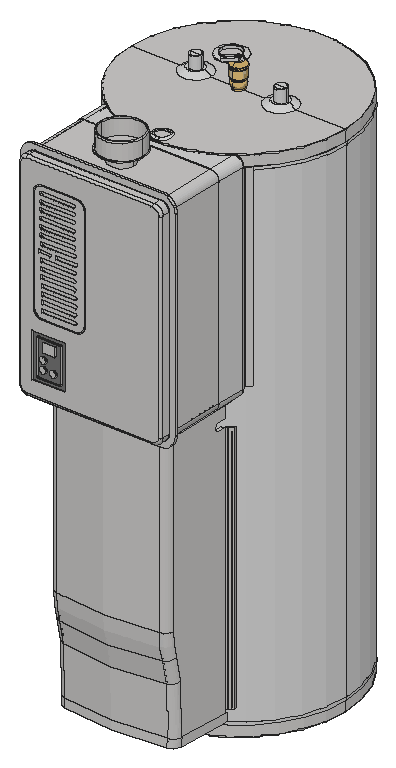
Revit family "Water_Heater-Rinnai-Hybrid_Tank-Tankless-RH180", category Mechanical Equipment, Revit 2012 (continued)
Definition of nested family "RH180"
  Lines and regions (mm)
    symbolic lines, style "Water Heater", detail levels medium+fine
      curve 333: spline (123.034, 0, 40.365) -> (103.124, 0, 40.549) -> (83.097, 0, 40.7) -> (62.976, 0, 40.818) -> (42.785, 0, 40.903) -> (22.545, 0, 40.954) -> (2.282, 0, 40.973) -> (-17.984, 0, 40.958) -> (-38.227, 0, 40.91) -> (-58.425, 0, 40.829) -> (-78.555, 0, 40.715) -> (-98.593, 0, 40.568) -> (-118.517, 0, 40.388)
      curve 334: spline (-118.517, 0, 40.388) -> (-121.051, 0, 40.356) -> (-123.5, 0, 40.311) -> (-125.839, 0, 40.254) -> (-128.04, 0, 40.186) -> (-130.08, 0, 40.106) -> (-131.934, 0, 40.017) -> (-133.584, 0, 39.918) -> (-135.009, 0, 39.812) -> (-136.195, 0, 39.699) -> (-137.127, 0, 39.58) -> (-137.796, 0, 39.458) -> (-138.194, 0, 39.332)
      curve 335: spline (140.451, 0, 39.328) -> (140.31, 0, 39.448) -> (139.887, 0, 39.567) -> (139.189, 0, 39.683) -> (138.224, 0, 39.794) -> (137.004, 0, 39.899) -> (135.547, 0, 39.996) -> (133.87, 0, 40.086) -> (131.995, 0, 40.165) -> (129.946, 0, 40.233) -> (127.751, 0, 40.29) -> (125.436, 0, 40.334) -> (123.034, 0, 40.365)
      curve 336: line (157.208, 0, 64.872) -> (157.208, 0, 658.721)
      curve 373: line (0, 349.448, 34.327) -> (0, 349.448, 1202.242)
      curve 374: line (0, -85.67, 1202.242) -> (0, 349.448, 1202.242)
      curve 375: line (0, 349.448, 1202.242) -> (0, 349.25, 1208.088)
      curve 376: line (0, 349.25, 1208.088) -> (0, -85.67, 1208.088)
      curve 377: line (0, -85.67, 1209.173) -> (0, 348.925, 1209.173)
      curve 378: line (0, 346.634, 1209.173) -> (0, 346.634, 1208.088)
      curve 379: line (0, 348.925, 1209.173) -> (0, 348.925, 1233.831)
      curve 380: line (0, -67.568, 1.686) -> (0, 348.176, 1.686)
      curve 381: line (0, 348.925, 2.435) -> (0, 348.925, 27.086)
      curve 382: line (0, 343.511, 27.086) -> (0, -157.849, 27.086)
      curve 383: line (0, -157.297, 1234.573) -> (0, 348.183, 1234.573)
      curve 384: arc (0, 348.925, 1233.831) -> (0, 348.707, 1234.356) -> (0, 348.183, 1234.573) r 0.742
      curve 385: line (0, -158.028, 1233.842) -> (0, -158.028, 1233.013)
      curve 386: arc (0, -158.028, 1233.842) -> (0, -157.814, 1234.359) -> (0, -157.297, 1234.573) r 0.731
      curve 387: line (0, -174.047, 1233.013) -> (0, -99.831, 1233.013)
      curve 388: line (0, -99.831, 1209.715) -> (0, -99.831, 1233.013)
      curve 389: line (0, -174.047, 1233.013) -> (0, -174.047, 731.363)
      curve 390: line (0, -315.647, 1232.021) -> (0, -174.047, 1232.021)
      curve 403: line (0, -344.414, 723.654) -> (0, -344.414, 1229.431)
      curve 404: line (0, -342.256, 1231.589) -> (0, -322.647, 1231.589)
      curve 405: arc (0, -344.414, 1229.431) -> (0, -343.782, 1230.957) -> (0, -342.256, 1231.589) r 2.158
      curve 406: line (0, -322.647, 1231.589) -> (0, -322.647, 723.654)
      curve 407: line (0, -322.647, 723.654) -> (0, -344.414, 723.654)
      curve 408: line (0, -315.647, 708.621) -> (0, -320.647, 708.621)
      curve 409: line (0, -315.647, 1246.621) -> (0, -315.647, 708.621)
      curve 410: line (0, -320.647, 708.621) -> (0, -320.647, 1246.621)
      curve 411: line (0, -320.647, 1246.621) -> (0, -315.647, 1246.621)
      curve 412: line (0, -99.831, 722.229) -> (0, -315.647, 722.229)
      curve 413: line (0, -99.831, 746.165) -> (0, -99.831, 722.229)
      curve 414: line (0, -103.912, 746.165) -> (0, -85.67, 746.165)
      curve 415: line (0, -85.67, 746.165) -> (0, -85.67, 1209.173)
      curve 416: line (0, -103.912, 1209.715) -> (0, -103.912, 746.165)
      curve 417: line (0, -87.822, 746.165) -> (0, -87.822, 1209.715)
      curve 418: line (0, -85.67, 1209.715) -> (0, -103.912, 1209.715)
      curve 419: line (0, -158.028, 27.086) -> (0, -158.028, 2.457)
      curve 420: line (0, -67.568, 1.686) -> (0, -157.257, 1.686)
      curve 421: arc (0, -158.028, 2.457) -> (0, -157.802, 1.912) -> (0, -157.257, 1.686) r 0.771
      curve 422: arc (0, -158.22, 34.975) -> (0, -158.14, 31.026) -> (0, -157.849, 27.086) r 73.552
      curve 423: arc (0, 348.176, 1.686) -> (0, 348.705, 1.905) -> (0, 348.925, 2.435) r 0.749
      curve 424: line (0, -121.369, 33.188) -> (0, -281.868, 40.973)
      curve 425: line (0, -281.868, 40.973) -> (0, -280.014, 79.191)
      curve 460: line (0, -280.894, 61.065) -> (0, -121.369, 53.327)
      curve 461: line (0, -119.511, 64.872) -> (0, -109.659, 64.872)
      curve 462: line (0, -109.659, 64.872) -> (0, -109.659, 658.721)
      curve 463: line (0, -113.195, 64.872) -> (0, -113.195, 658.721)
      curve 464: line (0, -121.369, 53.327) -> (0, -121.369, 658.721)
      curve 465: line (0, -280.014, 79.191) -> (0, -280.497, 121.049)
      curve 466: line (0, -121.369, 719.046) -> (0, -271.241, 719.046)
      curve 467: line (0, -121.369, 715.236) -> (0, -121.369, 677.771)
      curve 468: line (0, -121.369, 715.236) -> (0, -121.369, 722.229)
      curve 469: line (0, -307.327, 719.046) -> (0, -271.241, 719.046)
      curve 470: line (0, -315.953, 719.046) -> (0, -307.327, 719.046)
      curve 471: line (0, -271.241, 719.046) -> (0, -271.241, 722.229)
      curve 472: line (0, -304.55, 293.427) -> (0, -304.55, 715.236)
      curve 473: arc (0, -307.863, 719.046) -> (0, -305.494, 717.761) -> (0, -304.55, 715.236) r 3.847
      curve 474: line (0, -121.369, 677.771) -> (0, -140.471, 677.771)
      curve 475: arc (0, -140.471, 658.721) -> (0, -149.996, 668.246) -> (0, -140.471, 677.771) r 9.525
      curve 476: line (0, -109.659, 658.721) -> (0, -140.471, 658.721)
      curve 477: line (0, -121.369, 715.236) -> (0, -304.55, 715.236)
      curve 565: arc (0, 349.448, 34.327) -> (0, 349.351, 30.601) -> (0, 349.058, 26.885) r 71.199
      curve 566: arc (0, 343.511, 27.086) -> (0, 346.282, 26.923) -> (0, 349.058, 26.885) r 61.416
      curve 567: arc (0, -304.55, 293.427) -> (0, -302.544, 263.828) -> (0, -296.564, 234.77) r 219.409
      curve 568: arc (0, -296.564, 234.77) -> (0, -284.863, 178.428) -> (0, -280.497, 121.049) r 447.002
      curve 578: line (0, -24.241, 0.843) -> (0, -25.084, 0)
      curve 579: line (0, -25.084, 0) -> (0, -62.154, 0)
      curve 580: line (0, -62.154, 0) -> (0, -64.75, 1.686)
      curve 601: line (0, -121.369, 53.327) -> (0, -121.369, 33.188)
    symbolic lines, style "Water Heater", detail levels fine
      curve 2: circle (-88.688, 185.912, 0) r 34.797 normal (0, 0, -1)
      curve 3: circle (-88.688, 185.912, 0) r 24.13 normal (0, 0, 1)
      curve 4: circle (-88.688, 185.912, 0) r 23.033 normal (0, 0, 1)
      curve 5: circle (-100.467, 95.25, 0) r 35.956 normal (0, 0, 1)
      curve 6: circle (-100.467, 95.25, 0) r 19.844 normal (0, 0, 1)
      curve 7: circle (-100.467, 95.25, 0) r 13.145 normal (0, 0, 1)
      curve 8: circle (-100.467, 95.25, 0) r 12.351 normal (0, 0, 1)
      curve 9: circle (100.467, 95.25, 0) r 35.956 normal (0, 0, -1)
      curve 10: circle (100.467, 95.25, 0) r 19.844 normal (0, 0, -1)
      curve 11: circle (100.467, 95.25, 0) r 13.145 normal (0, 0, -1)
      curve 12: circle (100.467, 95.25, 0) r 12.351 normal (0, 0, -1)
      curve 13: circle (0, 95.432, 0) r 18.59 normal (0, 0, 1)
      curve 14: line (4.946, 105.048, 0) -> (-25.347, 74.755, 0)
      curve 15: line (-19.784, 69.191, 0) -> (-25.347, 74.755, 0)
      curve 16: line (10.512, 99.487, 0) -> (-19.784, 69.191, 0)
      curve 17: line (5.501, 104.493, 0) -> (4.946, 105.048, 0)
      curve 18: line (5.501, 104.493, 0) -> (-6.842, 92.151, 0)
      curve 19: line (9.95, 100.05, 0) -> (-2.393, 87.707, 0)
      curve 20: line (-7.397, 92.705, 0) -> (-1.83, 87.145, 0)
      curve 21: line (9.95, 100.05, 0) -> (10.512, 99.487, 0)
      curve 22: arc (1.194, 100.186, 0) -> (4.037, 98.299, 0) -> (4.896, 94.996, 0) r 4.779
      curve 23: line (-2.1, 100.361, 0) -> (-3.716, 98.745, 0)
      curve 24: line (-2.1, 100.361, 0) -> (-1.762, 100.024, 0)
      curve 25: arc (0.245, 100.348, 0) -> (-0.776, 100.293, 0) -> (-1.762, 100.024, 0) r 4.805
      curve 26: arc (-4.147, 98.074, 0) -> (-4.756, 96.692, 0) -> (-4.912, 95.19, 0) r 4.865
      curve 27: arc (-3.716, 98.745, 0) -> (-3.968, 98.432, 0) -> (-4.147, 98.074, 0) r 1.874
      curve 28: circle (0, 95.432, 0) r 0.945 normal (0, 0, 1)
      curve 29: arc (-4.758, 94.235, 0) -> (-2.855, 91.386, 0) -> (0.472, 90.572, 0) r 4.724
      curve 30: line (5.982, 92.279, 0) -> (4.366, 90.663, 0)
      curve 31: line (4.366, 90.663, 0) -> (3.027, 92.002, 0)
      curve 32: arc (1.95, 90.925, 0) -> (2.655, 91.272, 0) -> (3.275, 91.753, 0) r 3.882
      curve 33: line (5.982, 92.279, 0) -> (4.643, 93.618, 0)
      curve 34: arc (-1.197, 87.778, 0) -> (5.478, 89.954, 0) -> (7.654, 96.629, 0) r 7.747
      curve 35: arc (7.451, 97.551, 0) -> (5.941, 100.403, 0) -> (3.4, 102.393, 0) r 7.747
      curve 36: arc (2.62, 102.722, 0) -> (-5.478, 100.91, 0) -> (-7.29, 92.812, 0) r 7.747
      curve 37: arc (-2.958, 88.272, 0) -> (-2.092, 87.973, 0) -> (-1.197, 87.778, 0) r 7.747
      curve 38: arc (-14.633, 85.469, 0) -> (12.051, 108.399, 0) -> (-8.866, 80.109, 0) r 17.703
      curve 39: arc (0, 77.89, 0) -> (-4.528, 78.484, 0) -> (-8.748, 80.227, 0) r 17.542
      curve 40: circle (0, -129.913, 0) r 21.755 normal (0, 0, 1)
      curve 41: circle (0, -129.913, 0) r 17.242 normal (0, 0, 1)
      curve 42: circle (0, -129.913, 0) r 15.964 normal (0, 0, 1)
      curve 63: circle (1.233, -251.699, 0) r 52.851 normal (0, 0, 1)
      curve 64: circle (1.233, -251.699, 0) r 49.741 normal (0, 0, 1)
      curve 65: circle (1.233, -251.699, 0) r 48.708 normal (0, 0, 1)
      curve 66: circle (1.233, -251.699, 0) r 47.764 normal (0, 0, 1)
      curve 67: circle (1.233, -251.699, 0) r 28.107 normal (0, 0, 1)
      curve 70: spline (-203.383, -73.177, 0) -> (-202.36, -74.502, 0) -> (-201.477, -75.906, 0) -> (-200.75, -77.364, 0) -> (-200.193, -78.85, 0) -> (-199.815, -80.336, 0) -> (-199.623, -81.796, 0) -> (-199.621, -83.203, 0) -> (-199.809, -84.531, 0) -> (-200.183, -85.757, 0) -> (-200.737, -86.858, 0) -> (-201.46, -87.814, 0) -> (-202.34, -88.608, 0)
      curve 71: spline (-218.076, -69.351, 0) -> (-217.13, -68.704, 0) -> (-216.064, -68.229, 0) -> (-214.897, -67.935, 0) -> (-213.649, -67.825, 0) -> (-212.341, -67.901, 0) -> (-210.994, -68.164, 0) -> (-209.632, -68.607, 0) -> (-208.278, -69.224, 0) -> (-206.954, -70.004, 0) -> (-205.683, -70.933, 0) -> (-204.486, -71.997, 0) -> (-203.383, -73.177, 0)
      curve 72: line (-218.076, -69.351, 0) -> (-221.706, -72.396, 0)
      curve 73: line (-202.34, -88.608, 0) -> (-205.366, -91.147, 0)
      curve 74: spline (-207.038, -76.289, 0) -> (-206.121, -77.465, 0) -> (-205.312, -78.706, 0) -> (-204.626, -79.995, 0) -> (-204.07, -81.312, 0) -> (-203.654, -82.639, 0) -> (-203.382, -83.956, 0) -> (-203.261, -85.246, 0) -> (-203.29, -86.488, 0) -> (-203.469, -87.666, 0) -> (-203.796, -88.762, 0) -> (-204.267, -89.76, 0) -> (-204.874, -90.647, 0)
      curve 75: spline (-221.501, -72.281, 0) -> (-220.545, -71.689, 0) -> (-219.478, -71.263, 0) -> (-218.318, -71.011, 0) -> (-217.085, -70.937, 0) -> (-215.797, -71.041, 0) -> (-214.475, -71.322, 0) -> (-213.142, -71.777, 0) -> (-211.818, -72.396, 0) -> (-210.526, -73.171, 0) -> (-209.285, -74.088, 0) -> (-208.116, -75.133, 0) -> (-207.038, -76.289, 0)
      curve 76: spline (-211.278, -79.899, 0) -> (-210.505, -80.946, 0) -> (-209.899, -82.071, 0) -> (-209.483, -83.229, 0) -> (-209.274, -84.377, 0) -> (-209.279, -85.47, 0) -> (-209.498, -86.467, 0) -> (-209.923, -87.329, 0) -> (-210.538, -88.024, 0) -> (-211.318, -88.524, 0) -> (-212.235, -88.811, 0) -> (-213.252, -88.874, 0) -> (-214.331, -88.709, 0)
      curve 77: spline (-220.457, -81.571, 0) -> (-220.459, -80.47, 0) -> (-220.244, -79.465, 0) -> (-219.822, -78.596, 0) -> (-219.208, -77.894, 0) -> (-218.425, -77.389, 0) -> (-217.506, -77.099, 0) -> (-216.484, -77.035, 0) -> (-215.4, -77.201, 0) -> (-214.295, -77.589, 0) -> (-213.212, -78.184, 0) -> (-212.193, -78.964, 0) -> (-211.278, -79.899, 0)
      curve 78: line (-224.885, -85.178, 0) -> (-217.294, -78.808, 0)
      curve 79: line (-218.786, -92.447, 0) -> (-211.45, -86.292, 0)
      curve 80: arc (-217.294, -78.808, 0) -> (-212.42, -80.64, 0) -> (-211.074, -85.67, 0) r 5.693
      curve 81: arc (-211.074, -85.67, 0) -> (-211.211, -86.012, 0) -> (-211.45, -86.292, 0) r 1.123
      curve 82: spline (-224.269, -90.959, 0) -> (-224.981, -89.946, 0) -> (-225.469, -88.854, 0) -> (-225.701, -87.756, 0) -> (-225.661, -86.727, 0) -> (-225.351, -85.838, 0) -> (-224.792, -85.15, 0) -> (-224.023, -84.708, 0) -> (-223.097, -84.544, 0) -> (-222.075, -84.668, 0) -> (-221.028, -85.072, 0) -> (-220.027, -85.729, 0) -> (-219.141, -86.593, 0)
      curve 83: spline (-219.141, -86.593, 0) -> (-218.429, -87.606, 0) -> (-217.941, -88.699, 0) -> (-217.709, -89.797, 0) -> (-217.749, -90.825, 0) -> (-218.059, -91.714, 0) -> (-218.618, -92.402, 0) -> (-219.386, -92.844, 0) -> (-220.313, -93.008, 0) -> (-221.335, -92.884, 0) -> (-222.382, -92.48, 0) -> (-223.383, -91.823, 0) -> (-224.269, -90.959, 0)
      curve 84: arc (-220.747, -71.592, 0) -> (-225.376, -77.344, 0) -> (-224.243, -84.639, 0) r 9.139
      curve 85: arc (-221.706, -72.396, 0) -> (-224.027, -77.833, 0) -> (-223.09, -83.671, 0) r 10.647
      curve 86: spline (-207.038, -76.289, 0) -> (-205.38, -78.593, 0) -> (-204.159, -81.075, 0) -> (-203.441, -83.605, 0) -> (-203.262, -86.051, 0) -> (-203.632, -88.284, 0) -> (-204.532, -90.186, 0) -> (-205.915, -91.659, 0) -> (-207.707, -92.626, 0) -> (-209.816, -93.034, 0) -> (-212.13, -92.864, 0) -> (-214.529, -92.124, 0) -> (-216.885, -90.853, 0)
      curve 87: spline (-218.105, -91.793, 0) -> (-215.618, -93.11, 0) -> (-213.059, -93.858, 0) -> (-210.562, -93.998, 0) -> (-208.26, -93.524, 0) -> (-206.276, -92.459, 0) -> (-204.715, -90.861, 0) -> (-203.659, -88.815, 0) -> (-203.166, -86.428, 0) -> (-203.261, -83.829, 0) -> (-203.938, -81.155, 0) -> (-205.163, -78.548, 0) -> (-206.871, -76.146, 0)
      curve 88: spline (-208.684, -95.107, 0) -> (-208.515, -94.952, 0) -> (-208.351, -94.792, 0) -> (-208.191, -94.627, 0) -> (-208.036, -94.457, 0) -> (-207.886, -94.282, 0) -> (-207.741, -94.102, 0) -> (-207.601, -93.917, 0) -> (-207.466, -93.728, 0) -> (-207.337, -93.534, 0) -> (-207.212, -93.336, 0) -> (-207.094, -93.134, 0) -> (-206.98, -92.927, 0)
      curve 89: spline (-225.029, -74.312, 0) -> (-226.16, -75.154, 0) -> (-227.117, -76.194, 0) -> (-227.882, -77.41, 0) -> (-228.439, -78.779, 0) -> (-228.778, -80.273, 0) -> (-228.891, -81.863, 0) -> (-228.777, -83.518, 0) -> (-228.437, -85.204, 0) -> (-227.879, -86.889, 0) -> (-227.113, -88.538, 0) -> (-226.155, -90.119, 0) -> (-225.023, -91.601, 0)
      curve 90: arc (-220.629, -71.493, 0) -> (-222.869, -72.84, 0) -> (-225.029, -74.312, 0) r 46.525
      curve 91: arc (-205.252, -91.473, 0) -> (-206.925, -93.331, 0) -> (-208.684, -95.107, 0) r 52.692
      curve 92: arc (-205.252, -91.473, 0) -> (-206.925, -93.331, 0) -> (-208.684, -95.107, 0) r 52.692
      curve 93: spline (-225.023, -91.601, 0) -> (-223.823, -92.876, 0) -> (-222.511, -94.015, 0) -> (-221.11, -94.999, 0) -> (-219.644, -95.81, 0) -> (-218.139, -96.435, 0) -> (-216.62, -96.862, 0) -> (-215.116, -97.083, 0) -> (-213.652, -97.096, 0) -> (-212.252, -96.899, 0) -> (-210.943, -96.497, 0) -> (-209.747, -95.896, 0) -> (-208.684, -95.107, 0)
      curve 94: line (-214.414, -55.801, 0) -> (-188.1, -86.709, 0)
      curve 95: line (-188.1, -86.709, 0) -> (-177.858, -90.036, 0)
      curve 96: line (-214.414, -55.801, 0) -> (-217.293, -35.117, 0)
      curve 97: line (-213.278, -65.66, 0) -> (-209.07, -62.077, 0)
      curve 98: line (-213.278, -65.66, 0) -> (-211.061, -68.264, 0)
      curve 99: line (-197.532, -84.155, 0) -> (-193.324, -80.572, 0)
      curve 100: line (-197.532, -84.155, 0) -> (-199.621, -81.701, 0)
      curve 153: line (-112.817, 0, 1272.726) -> (-88.116, 0, 1272.726)
      curve 154: line (-113.611, 0, 1271.932) -> (-87.323, 0, 1271.932)
      curve 155: line (-112.817, 0, 1272.726) -> (-113.611, 0, 1271.932)
      curve 156: line (-88.116, 0, 1272.726) -> (-87.323, 0, 1271.932)
      curve 157: line (-87.323, 0, 1271.932) -> (-87.323, 0, 1246.621)
      curve 158: line (-113.611, 0, 1271.932) -> (-113.611, 0, 1246.621)
      curve 159: line (112.817, 0, 1272.726) -> (88.116, 0, 1272.726)
      curve 160: line (113.611, 0, 1271.932) -> (87.323, 0, 1271.932)
      curve 161: line (112.817, 0, 1272.726) -> (113.611, 0, 1271.932)
      curve 162: line (88.116, 0, 1272.726) -> (87.323, 0, 1271.932)
      curve 163: line (87.323, 0, 1271.932) -> (87.323, 0, 1246.621)
      curve 164: line (113.611, 0, 1271.932) -> (113.611, 0, 1246.621)
      curve 165: line (-51.618, 0, 1259.503) -> (54.084, 0, 1259.503)
      curve 166: line (54.084, 0, 1258.032) -> (54.084, 0, 1259.503)
      curve 167: line (54.084, 0, 1258.032) -> (-51.618, 0, 1258.032)
      curve 168: line (-51.618, 0, 1258.032) -> (-51.618, 0, 1259.503)
      curve 169: line (-27.767, 0, 1258.032) -> (-27.767, 0, 1246.621)
      curve 170: line (30.233, 0, 1258.032) -> (30.233, 0, 1246.621)
      curve 171: line (-48.508, 0, 1296.521) -> (-48.508, 0, 1259.503)
      curve 172: line (50.974, 0, 1296.521) -> (50.974, 0, 1259.503)
      curve 173: line (-47.475, 0, 1299.521) -> (49.941, 0, 1299.521)
      curve 174: line (-47.475, 0, 1299.521) -> (-48.508, 0, 1296.521)
      curve 175: line (50.974, 0, 1296.521) -> (-48.508, 0, 1296.521)
      curve 176: line (50.974, 0, 1296.521) -> (49.941, 0, 1299.521)
      curve 177: line (-24.799, 0, 1302.545) -> (-2.315, 0, 1302.545)
      curve 178: line (-24.784, 0, 1302.164) -> (-20.335, 0, 1302.164)
      curve 179: line (-24.784, 0, 1302.164) -> (-24.784, 0, 1299.521)
      curve 180: line (-25.34, 0, 1299.521) -> (-25.34, 0, 1302.005)
      curve 181: arc (-25.34, 0, 1302.005) -> (-25.181, 0, 1302.387) -> (-24.799, 0, 1302.545) r 0.541
      curve 182: line (-20.335, 0, 1302.164) -> (-20.335, 0, 1299.521)
      curve 183: line (-1.822, 0, 1299.521) -> (-1.822, 0, 1301.849)
      curve 184: spline (-2.315, 0, 1302.545) -> (-2.251, 0, 1302.539) -> (-2.188, 0, 1302.522) -> (-2.127, 0, 1302.492) -> (-2.069, 0, 1302.452) -> (-2.015, 0, 1302.401) -> (-1.967, 0, 1302.341) -> (-1.924, 0, 1302.273) -> (-1.888, 0, 1302.197) -> (-1.86, 0, 1302.115) -> (-1.839, 0, 1302.029) -> (-1.827, 0, 1301.939) -> (-1.822, 0, 1301.849)
      curve 185: line (-19.772, 0, 1301.849) -> (-19.772, 0, 1299.521)
      curve 186: spline (-19.772, 0, 1301.849) -> (-19.776, 0, 1301.939) -> (-19.789, 0, 1302.029) -> (-19.81, 0, 1302.115) -> (-19.838, 0, 1302.197) -> (-19.874, 0, 1302.273) -> (-19.917, 0, 1302.341) -> (-19.965, 0, 1302.401) -> (-20.019, 0, 1302.452) -> (-20.076, 0, 1302.492) -> (-20.138, 0, 1302.522) -> (-20.201, 0, 1302.539) -> (-20.265, 0, 1302.545)
      curve 187: arc (-1.822, 0, 1301.479) -> (-1.636, 0, 1301.044) -> (-1.175, 0, 1300.939) r 0.521
      curve 188: arc (9.038, 0, 1300.939) -> (9.596, 0, 1300.273) -> (10.031, 0, 1299.521) r 5.026
      curve 189: line (9.038, 0, 1300.939) -> (-1.175, 0, 1300.939)
      curve 190: line (-0.945, 0, 1304.125) -> (0.945, 0, 1304.125)
      curve 191: arc (0.945, 0, 1304.125) -> (1.709, 0, 1302.387) -> (2.936, 0, 1300.939) r 6.59
      curve 192: arc (-0.945, 0, 1304.125) -> (-1.335, 0, 1303.102) -> (-1.87, 0, 1302.147) r 7.422
      curve 337: spline (-168.243, 0, 61.119) -> (-168.809, 0, 69.181) -> (-170.481, 0, 76.869) -> (-173.181, 0, 83.827) -> (-176.784, 0, 89.732) -> (-181.123, 0, 94.311) -> (-185.996, 0, 97.35) -> (-191.179, 0, 98.71) -> (-196.43, 0, 98.326) -> (-201.506, 0, 96.218) -> (-206.172, 0, 92.482) -> (-210.211, 0, 87.291) -> (-213.436, 0, 80.888)
      curve 338: spline (-210.075, 0, 34.731) -> (-209.547, 0, 33.927) -> (-209.004, 0, 33.148) -> (-208.445, 0, 32.395) -> (-207.873, 0, 31.668) -> (-207.286, 0, 30.969) -> (-206.685, 0, 30.297) -> (-206.072, 0, 29.654) -> (-205.446, 0, 29.04) -> (-204.808, 0, 28.455) -> (-204.16, 0, 27.901) -> (-203.5, 0, 27.377) -> (-202.831, 0, 26.885)
      curve 339: spline (-187.98, 0, 61.119) -> (-188.122, 0, 64.102) -> (-188.546, 0, 67.02) -> (-189.242, 0, 69.812) -> (-190.195, 0, 72.416) -> (-191.385, 0, 74.778) -> (-192.786, 0, 76.845) -> (-194.368, 0, 78.574) -> (-196.097, 0, 79.928) -> (-197.936, 0, 80.876) -> (-199.845, 0, 81.4) -> (-201.783, 0, 81.487) -> (-203.708, 0, 81.136)
      curve 340: spline (-203.558, 0, 41.058) -> (-201.643, 0, 40.742) -> (-199.718, 0, 40.859) -> (-197.825, 0, 41.405) -> (-196.003, 0, 42.371) -> (-194.292, 0, 43.734) -> (-192.727, 0, 45.467) -> (-191.342, 0, 47.533) -> (-190.167, 0, 49.887) -> (-189.226, 0, 52.479) -> (-188.539, 0, 55.255) -> (-188.121, 0, 58.155) -> (-187.98, 0, 61.119)
      curve 341: spline (-193.324, 0, 61.119) -> (-193.389, 0, 59.563) -> (-193.582, 0, 58.033) -> (-193.901, 0, 56.554) -> (-194.34, 0, 55.15) -> (-194.892, 0, 53.845) -> (-195.548, 0, 52.659) -> (-196.297, 0, 51.613) -> (-197.127, 0, 50.723) -> (-198.023, 0, 50.004) -> (-198.972, 0, 49.469) -> (-199.958, 0, 49.125) -> (-200.964, 0, 48.979)
      curve 342: spline (-199.86, 0, 73.087) -> (-198.966, 0, 72.766) -> (-198.102, 0, 72.286) -> (-197.281, 0, 71.654) -> (-196.512, 0, 70.879) -> (-195.807, 0, 69.972) -> (-195.176, 0, 68.944) -> (-194.626, 0, 67.809) -> (-194.166, 0, 66.584) -> (-193.801, 0, 65.284) -> (-193.537, 0, 63.927) -> (-193.378, 0, 62.533) -> (-193.324, 0, 61.119)
      curve 343: arc (-205.418, 0, 48.986) -> (-203.191, 0, 49.015) -> (-200.964, 0, 48.979) r 75.833
      curve 344: arc (-200.577, 0, 70.573) -> (-197.516, 0, 63.248) -> (-198.41, 0, 55.36) r 15.78
      curve 345: arc (-198.41, 0, 55.36) -> (-201.158, 0, 51.342) -> (-205.418, 0, 48.986) r 10.548
      curve 346: spline (-207.038, 0, 82.216) -> (-205.18, 0, 81.916) -> (-203.904, 0, 81.038) -> (-203.298, 0, 79.64) -> (-203.404, 0, 77.818) -> (-204.213, 0, 75.697) -> (-205.672, 0, 73.42) -> (-207.68, 0, 71.144) -> (-210.101, 0, 69.022) -> (-212.77, 0, 67.2) -> (-215.504, 0, 65.803) -> (-218.118, 0, 64.924) -> (-220.433, 0, 64.624)
      curve 347: spline (-220.433, 0, 64.624) -> (-221.514, 0, 64.714) -> (-222.437, 0, 64.982) -> (-223.181, 0, 65.422) -> (-223.733, 0, 66.025) -> (-224.08, 0, 66.779) -> (-224.216, 0, 67.669) -> (-224.139, 0, 68.677) -> (-223.848, 0, 69.781) -> (-223.351, 0, 70.96) -> (-222.658, 0, 72.189) -> (-221.783, 0, 73.443) -> (-220.743, 0, 74.696)
      curve 348: spline (-213.245, 0, 80.442) -> (-212.682, 0, 80.717) -> (-212.122, 0, 80.971) -> (-211.567, 0, 81.203) -> (-211.018, 0, 81.412) -> (-210.477, 0, 81.598) -> (-209.946, 0, 81.761) -> (-209.425, 0, 81.899) -> (-208.917, 0, 82.013) -> (-208.423, 0, 82.102) -> (-207.944, 0, 82.165) -> (-207.482, 0, 82.203) -> (-207.038, 0, 82.216)
      curve 349: spline (-211.278, 0, 79.62) -> (-210.282, 0, 79.459) -> (-209.598, 0, 78.988) -> (-209.273, 0, 78.239) -> (-209.33, 0, 77.263) -> (-209.764, 0, 76.126) -> (-210.545, 0, 74.906) -> (-211.622, 0, 73.686) -> (-212.919, 0, 72.549) -> (-214.349, 0, 71.573) -> (-215.815, 0, 70.823) -> (-217.216, 0, 70.352) -> (-218.457, 0, 70.192)
      curve 350: spline (-218.457, 0, 70.192) -> (-218.905, 0, 70.22) -> (-219.306, 0, 70.303) -> (-219.654, 0, 70.441) -> (-219.945, 0, 70.632) -> (-220.176, 0, 70.874) -> (-220.344, 0, 71.163) -> (-220.448, 0, 71.497) -> (-220.485, 0, 71.871) -> (-220.455, 0, 72.281) -> (-220.36, 0, 72.723) -> (-220.199, 0, 73.19) -> (-219.975, 0, 73.677)
      curve 351: spline (-212.173, 0, 79.532) -> (-212.094, 0, 79.546) -> (-212.016, 0, 79.559) -> (-211.938, 0, 79.571) -> (-211.862, 0, 79.581) -> (-211.786, 0, 79.59) -> (-211.711, 0, 79.598) -> (-211.636, 0, 79.605) -> (-211.563, 0, 79.61) -> (-211.49, 0, 79.614) -> (-211.419, 0, 79.617) -> (-211.348, 0, 79.619) -> (-211.278, 0, 79.62)
      curve 352: spline (-219.141, 0, 87.254) -> (-218.429, 0, 87.139) -> (-217.941, 0, 86.803) -> (-217.709, 0, 86.267) -> (-217.749, 0, 85.57) -> (-218.059, 0, 84.758) -> (-218.618, 0, 83.886) -> (-219.386, 0, 83.015) -> (-220.313, 0, 82.202) -> (-221.335, 0, 81.505) -> (-222.382, 0, 80.97) -> (-223.383, 0, 80.633) -> (-224.269, 0, 80.519)
      curve 353: spline (-224.269, 0, 80.519) -> (-224.981, 0, 80.633) -> (-225.469, 0, 80.97) -> (-225.701, 0, 81.505) -> (-225.661, 0, 82.202) -> (-225.351, 0, 83.015) -> (-224.792, 0, 83.886) -> (-224.023, 0, 84.758) -> (-223.097, 0, 85.57) -> (-222.075, 0, 86.267) -> (-221.028, 0, 86.803) -> (-220.027, 0, 87.139) -> (-219.141, 0, 87.254)
      curve 354: spline (-211.087, 0, 77.803) -> (-210.885, 0, 77.365) -> (-210.871, 0, 76.811) -> (-211.044, 0, 76.168) -> (-211.397, 0, 75.466) -> (-211.912, 0, 74.737) -> (-212.567, 0, 74.016) -> (-213.33, 0, 73.337) -> (-214.165, 0, 72.731) -> (-215.033, 0, 72.228) -> (-215.894, 0, 71.851) -> (-216.706, 0, 71.617) -> (-217.431, 0, 71.538)
      curve 355: line (-225.494, 0, 81.001) -> (-218.623, 0, 71.882)
      curve 356: arc (-218.623, 0, 71.882) -> (-218.084, 0, 71.512) -> (-217.431, 0, 71.538) r 1.033
      curve 357: line (-217.916, 0, 86.771) -> (-211.087, 0, 77.803)
      curve 358: spline (-216.778, 0, 59.824) -> (-217.145, 0, 59.833) -> (-217.496, 0, 59.862) -> (-217.832, 0, 59.909) -> (-218.151, 0, 59.975) -> (-218.452, 0, 60.059) -> (-218.736, 0, 60.162) -> (-219, 0, 60.283) -> (-219.246, 0, 60.422) -> (-219.472, 0, 60.579) -> (-219.678, 0, 60.753) -> (-219.863, 0, 60.944) -> (-220.027, 0, 61.151)
      curve 359: line (-220.027, 0, 61.151) -> (-223.633, 0, 65.884)
      curve 360: spline (-200.312, 0, 76.311) -> (-199.718, 0, 75.196) -> (-199.622, 0, 73.766) -> (-200.029, 0, 72.089) -> (-200.918, 0, 70.245) -> (-202.247, 0, 68.323) -> (-203.953, 0, 66.415) -> (-205.952, 0, 64.613) -> (-208.15, 0, 63.004) -> (-210.441, 0, 61.664) -> (-212.714, 0, 60.658) -> (-214.861, 0, 60.035) -> (-216.778, 0, 59.824)
      curve 361: line (-200.312, 0, 76.311) -> (-203.839, 0, 80.956)
      curve 362: arc (-200.407, 0, 71.03) -> (-206.106, 0, 63.264) -> (-215.143, 0, 59.926) r 16.735
      curve 363: spline (-221.604, 0, 56.833) -> (-219.617, 0, 56.631) -> (-217.371, 0, 56.035) -> (-214.975, 0, 55.073) -> (-212.543, 0, 53.791) -> (-210.192, 0, 52.252) -> (-208.036, 0, 50.529) -> (-206.178, 0, 48.704) -> (-204.707, 0, 46.866) -> (-203.694, 0, 45.103) -> (-203.187, 0, 43.499) -> (-203.211, 0, 42.132) -> (-203.765, 0, 41.066)
      curve 364: spline (-209.78, 0, 34.94) -> (-212.265, 0, 35.237) -> (-215.1, 0, 36.106) -> (-218.092, 0, 37.489) -> (-221.037, 0, 39.291) -> (-223.734, 0, 41.39) -> (-226, 0, 43.642) -> (-227.679, 0, 45.894) -> (-228.659, 0, 47.992) -> (-228.871, 0, 49.795) -> (-228.301, 0, 51.177) -> (-226.989, 0, 52.047) -> (-225.023, 0, 52.343)
      curve 365: spline (-225.023, 0, 52.343) -> (-222.538, 0, 52.047) -> (-219.703, 0, 51.177) -> (-216.711, 0, 49.795) -> (-213.767, 0, 47.992) -> (-211.07, 0, 45.894) -> (-208.804, 0, 43.642) -> (-207.124, 0, 41.39) -> (-206.145, 0, 39.291) -> (-205.933, 0, 37.489) -> (-206.503, 0, 36.106) -> (-207.815, 0, 35.237) -> (-209.78, 0, 34.94)
      curve 366: spline (-225.104, 0, 55.182) -> (-224.966, 0, 55.438) -> (-224.799, 0, 55.675) -> (-224.602, 0, 55.89) -> (-224.375, 0, 56.085) -> (-224.12, 0, 56.259) -> (-223.837, 0, 56.41) -> (-223.527, 0, 56.538) -> (-223.191, 0, 56.644) -> (-222.83, 0, 56.727) -> (-222.444, 0, 56.786) -> (-222.035, 0, 56.821) -> (-221.604, 0, 56.833)
      curve 367: line (-203.558, 0, 41.058) -> (-206.048, 0, 36.745)
      curve 368: line (-225.104, 0, 55.182) -> (-228.1, 0, 51.362)
      curve 369: line (-215.143, 0, 59.926) -> (-217.477, 0, 56.042)
      curve 370: line (-205.861, 0, 48.394) -> (-202.415, 0, 53.316)
      curve 371: arc (-217.013, 0, 59.876) -> (-216.974, 0, 58.501) -> (-216.821, 0, 57.133) r 16.599
      curve 372: spline (-182.483, 0, 26.885) -> (-180.422, 0, 28.529) -> (-178.471, 0, 30.468) -> (-176.649, 0, 32.684) -> (-174.972, 0, 35.157) -> (-173.454, 0, 37.864) -> (-172.109, 0, 40.781) -> (-170.95, 0, 43.882) -> (-169.988, 0, 47.139) -> (-169.23, 0, 50.522) -> (-168.683, 0, 54.001) -> (-168.354, 0, 57.543) -> (-168.243, 0, 61.119)
      curve 391: line (0, -280.699, 1232.021) -> (0, -280.699, 1258.032)
      curve 392: line (0, -222.7, 1258.032) -> (0, -222.7, 1232.021)
      curve 393: line (0, -198.849, 1258.032) -> (0, -304.55, 1258.032)
      curve 394: line (0, -304.55, 1259.503) -> (0, -198.849, 1259.503)
      curve 395: line (0, -198.849, 1259.503) -> (0, -198.849, 1258.032)
      curve 396: line (0, -304.55, 1258.032) -> (0, -304.55, 1259.503)
      curve 397: line (0, -301.441, 1259.503) -> (0, -301.441, 1296.521)
      curve 398: line (0, -301.441, 1296.521) -> (0, -201.958, 1296.521)
      curve 399: line (0, -201.958, 1296.521) -> (0, -201.958, 1259.503)
      curve 400: line (0, -300.407, 1299.521) -> (0, -202.991, 1299.521)
      curve 401: line (0, -301.441, 1296.521) -> (0, -300.407, 1299.521)
      curve 402: line (0, -202.991, 1299.521) -> (0, -201.958, 1296.521)
      curve 426: spline (0, -76.332, 27.086) -> (0, -77.209, 27.656) -> (0, -78.071, 28.265) -> (0, -78.917, 28.913) -> (0, -79.745, 29.598) -> (0, -80.555, 30.319) -> (0, -81.346, 31.077) -> (0, -82.116, 31.869) -> (0, -82.866, 32.696) -> (0, -83.593, 33.556) -> (0, -84.298, 34.448) -> (0, -84.979, 35.371) -> (0, -85.636, 36.323)
      curve 427: spline (0, -85.043, 86.778) -> (0, -78.497, 93.653) -> (0, -70.716, 97.748) -> (0, -62.367, 98.713) -> (0, -54.161, 96.467) -> (0, -46.801, 91.2) -> (0, -40.915, 83.362) -> (0, -37.006, 73.625) -> (0, -35.408, 62.818) -> (0, -36.257, 51.867) -> (0, -39.482, 41.705) -> (0, -44.806, 33.203) -> (0, -51.775, 27.086)
      curve 428: spline (0, -73.749, 81.257) -> (0, -71.524, 81.505) -> (0, -69.295, 81.332) -> (0, -67.108, 80.74) -> (0, -65.008, 79.743) -> (0, -63.039, 78.36) -> (0, -61.241, 76.62) -> (0, -59.652, 74.56) -> (0, -58.304, 72.221) -> (0, -57.226, 69.653) -> (0, -56.44, 66.908) -> (0, -55.961, 64.044) -> (0, -55.801, 61.119)
      curve 429: spline (0, -55.801, 61.119) -> (0, -55.94, 58.398) -> (0, -56.354, 55.725) -> (0, -57.036, 53.149) -> (0, -57.974, 50.716) -> (0, -59.15, 48.468) -> (0, -60.545, 46.448) -> (0, -62.132, 44.689) -> (0, -63.884, 43.225) -> (0, -65.769, 42.081) -> (0, -67.754, 41.277) -> (0, -69.802, 40.829) -> (0, -71.878, 40.744)
      curve 430: spline (0, -62.077, 61.119) -> (0, -62.156, 59.534) -> (0, -62.392, 57.975) -> (0, -62.781, 56.471) -> (0, -63.316, 55.046) -> (0, -63.988, 53.725) -> (0, -64.786, 52.531) -> (0, -65.695, 51.484) -> (0, -66.701, 50.601) -> (0, -67.786, 49.898) -> (0, -68.931, 49.388) -> (0, -70.118, 49.078) -> (0, -71.325, 48.974)
      curve 431: spline (0, -68.512, 72.688) -> (0, -67.603, 72.237) -> (0, -66.735, 71.662) -> (0, -65.918, 70.972) -> (0, -65.161, 70.172) -> (0, -64.471, 69.272) -> (0, -63.857, 68.282) -> (0, -63.326, 67.214) -> (0, -62.883, 66.077) -> (0, -62.534, 64.887) -> (0, -62.281, 63.654) -> (0, -62.128, 62.393) -> (0, -62.077, 61.119)
      curve 432: spline (0, -68.973, 70.433) -> (0, -68.473, 69.841) -> (0, -68.007, 69.203) -> (0, -67.577, 68.522) -> (0, -67.186, 67.802) -> (0, -66.836, 67.046) -> (0, -66.529, 66.259) -> (0, -66.267, 65.445) -> (0, -66.05, 64.607) -> (0, -65.88, 63.751) -> (0, -65.758, 62.882) -> (0, -65.685, 62.003) -> (0, -65.66, 61.119)
      curve 433: spline (0, -65.66, 61.119) -> (0, -65.726, 59.668) -> (0, -65.924, 58.239) -> (0, -66.25, 56.85) -> (0, -66.7, 55.523) -> (0, -67.268, 54.276) -> (0, -67.945, 53.127) -> (0, -68.721, 52.092) -> (0, -69.586, 51.186) -> (0, -70.528, 50.422) -> (0, -71.532, 49.812) -> (0, -72.584, 49.363) -> (0, -73.669, 49.083)
      curve 434: line (0, -69.851, 56.409) -> (0, -73.731, 49.522)
      curve 435: line (0, -85.978, 56.421) -> (0, -83.952, 60.018)
      curve 436: line (0, -79.04, 59.954) -> (0, -82.722, 59.954)
      curve 437: line (0, -69.4, 68.59) -> (0, -71.576, 63.724)
      curve 438: spline (0, -68.822, 70.898) -> (0, -68.991, 69.746) -> (0, -69.433, 68.517) -> (0, -70.135, 67.25) -> (0, -71.075, 65.983) -> (0, -72.226, 64.755) -> (0, -73.552, 63.602) -> (0, -75.013, 62.56) -> (0, -76.565, 61.661) -> (0, -78.159, 60.931) -> (0, -79.749, 60.394) -> (0, -81.285, 60.064) -> (0, -82.722, 59.954)
      curve 439: spline (0, -68.441, 75.386) -> (0, -67.92, 74.107) -> (0, -67.853, 72.6) -> (0, -68.243, 70.928) -> (0, -69.075, 69.161) -> (0, -70.314, 67.37) -> (0, -71.908, 65.632) -> (0, -73.791, 64.018) -> (0, -75.885, 62.594) -> (0, -78.104, 61.421) -> (0, -80.354, 60.546) -> (0, -82.544, 60.006) -> (0, -84.582, 59.824)
      curve 440: spline (0, -76.289, 82.216) -> (0, -74.032, 81.916) -> (0, -72.317, 81.038) -> (0, -71.262, 79.64) -> (0, -70.938, 77.818) -> (0, -71.367, 75.697) -> (0, -72.52, 73.42) -> (0, -74.318, 71.144) -> (0, -76.64, 69.022) -> (0, -79.326, 67.2) -> (0, -82.194, 65.803) -> (0, -85.048, 64.924) -> (0, -87.693, 64.624)
      curve 441: line (0, -89.317, 61.853) -> (0, -92.429, 66.654)
      curve 442: spline (0, -84.582, 59.824) -> (0, -85.189, 59.843) -> (0, -85.769, 59.899) -> (0, -86.32, 59.993) -> (0, -86.839, 60.123) -> (0, -87.323, 60.291) -> (0, -87.772, 60.493) -> (0, -88.183, 60.731) -> (0, -88.553, 61.002) -> (0, -88.883, 61.306) -> (0, -89.169, 61.641) -> (0, -89.412, 62.007) -> (0, -89.609, 62.4)
      curve 443: spline (0, -86.421, 56.368) -> (0, -86.484, 56.725) -> (0, -86.542, 57.085) -> (0, -86.595, 57.445) -> (0, -86.643, 57.807) -> (0, -86.685, 58.169) -> (0, -86.723, 58.533) -> (0, -86.756, 58.898) -> (0, -86.784, 59.263) -> (0, -86.807, 59.629) -> (0, -86.825, 59.995) -> (0, -86.838, 60.362) -> (0, -86.846, 60.729)
      curve 444: spline (0, -87.693, 64.624) -> (0, -89.079, 64.728) -> (0, -90.296, 65.038) -> (0, -91.317, 65.546) -> (0, -92.117, 66.24) -> (0, -92.678, 67.104) -> (0, -92.986, 68.118) -> (0, -93.034, 69.257) -> (0, -92.82, 70.495) -> (0, -92.351, 71.801) -> (0, -91.636, 73.147) -> (0, -90.693, 74.498) -> (0, -89.544, 75.824)
      curve 445: spline (0, -78.958, 77.496) -> (0, -78.759, 77.007) -> (0, -78.733, 76.43) -> (0, -78.882, 75.79) -> (0, -79.201, 75.113) -> (0, -79.675, 74.428) -> (0, -80.285, 73.762) -> (0, -81.006, 73.144) -> (0, -81.808, 72.599) -> (0, -82.658, 72.15) -> (0, -83.519, 71.815) -> (0, -84.358, 71.608) -> (0, -85.138, 71.538)
      curve 446: line (0, -86.951, 72.315) -> (0, -92.772, 81.295)
      curve 447: line (0, -84.78, 86.477) -> (0, -78.958, 77.496)
      curve 448: spline (0, -80.978, 81.34) -> (0, -80.566, 81.478) -> (0, -80.156, 81.605) -> (0, -79.748, 81.72) -> (0, -79.344, 81.823) -> (0, -78.943, 81.915) -> (0, -78.547, 81.994) -> (0, -78.155, 82.062) -> (0, -77.769, 82.117) -> (0, -77.389, 82.16) -> (0, -77.015, 82.191) -> (0, -76.649, 82.21) -> (0, -76.289, 82.216)
      curve 449: spline (0, -79.899, 79.62) -> (0, -78.689, 79.459) -> (0, -77.77, 78.988) -> (0, -77.204, 78.239) -> (0, -77.031, 77.263) -> (0, -77.26, 76.126) -> (0, -77.878, 74.906) -> (0, -78.842, 73.686) -> (0, -80.086, 72.549) -> (0, -81.526, 71.573) -> (0, -83.063, 70.823) -> (0, -84.593, 70.352) -> (0, -86.01, 70.192)
      curve 450: spline (0, -86.01, 70.192) -> (0, -86.563, 70.222) -> (0, -87.07, 70.312) -> (0, -87.524, 70.46) -> (0, -87.92, 70.665) -> (0, -88.253, 70.924) -> (0, -88.518, 71.234) -> (0, -88.712, 71.591) -> (0, -88.833, 71.99) -> (0, -88.879, 72.426) -> (0, -88.849, 72.893) -> (0, -88.745, 73.387) -> (0, -88.566, 73.9)
      curve 451: spline (0, -85.138, 71.538) -> (0, -85.37, 71.545) -> (0, -85.592, 71.567) -> (0, -85.803, 71.603) -> (0, -86.002, 71.653) -> (0, -86.187, 71.717) -> (0, -86.359, 71.795) -> (0, -86.516, 71.886) -> (0, -86.658, 71.989) -> (0, -86.784, 72.106) -> (0, -86.894, 72.234) -> (0, -86.987, 72.374) -> (0, -87.062, 72.525)
      curve 452: spline (0, -90.959, 80.519) -> (0, -91.823, 80.633) -> (0, -92.48, 80.97) -> (0, -92.884, 81.505) -> (0, -93.008, 82.202) -> (0, -92.844, 83.015) -> (0, -92.402, 83.886) -> (0, -91.714, 84.758) -> (0, -90.825, 85.57) -> (0, -89.797, 86.267) -> (0, -88.699, 86.803) -> (0, -87.606, 87.139) -> (0, -86.593, 87.254)
      curve 453: spline (0, -86.593, 87.254) -> (0, -85.729, 87.139) -> (0, -85.072, 86.803) -> (0, -84.668, 86.267) -> (0, -84.544, 85.57) -> (0, -84.708, 84.758) -> (0, -85.15, 83.886) -> (0, -85.838, 83.015) -> (0, -86.727, 82.202) -> (0, -87.756, 81.505) -> (0, -88.854, 80.97) -> (0, -89.946, 80.633) -> (0, -90.959, 80.519)
      curve 454: spline (0, -88.691, 56.833) -> (0, -86.666, 56.672) -> (0, -84.478, 56.193) -> (0, -82.21, 55.416) -> (0, -79.951, 54.37) -> (0, -77.787, 53.095) -> (0, -75.8, 51.641) -> (0, -74.068, 50.063) -> (0, -72.657, 48.422) -> (0, -71.621, 46.782) -> (0, -71, 45.204) -> (0, -70.818, 43.75) -> (0, -71.081, 42.475)
      curve 455: spline (0, -93.756, 54.37) -> (0, -93.57, 54.746) -> (0, -93.337, 55.095) -> (0, -93.057, 55.416) -> (0, -92.731, 55.706) -> (0, -92.361, 55.966) -> (0, -91.949, 56.193) -> (0, -91.495, 56.387) -> (0, -91.003, 56.547) -> (0, -90.474, 56.672) -> (0, -89.911, 56.761) -> (0, -89.316, 56.815) -> (0, -88.691, 56.833)
      curve 456: spline (0, -78.624, 34.94) -> (0, -81.459, 35.237) -> (0, -84.542, 36.106) -> (0, -87.665, 37.489) -> (0, -90.614, 39.291) -> (0, -93.188, 41.39) -> (0, -95.211, 43.642) -> (0, -96.547, 45.894) -> (0, -97.103, 47.992) -> (0, -96.842, 49.795) -> (0, -95.781, 51.177) -> (0, -93.994, 52.047) -> (0, -91.601, 52.343)
      curve 457: line (0, -96.527, 50.381) -> (0, -93.451, 54.936)
      curve 458: spline (0, -91.601, 52.343) -> (0, -88.767, 52.047) -> (0, -85.683, 51.177) -> (0, -82.56, 49.795) -> (0, -79.611, 47.992) -> (0, -77.037, 45.894) -> (0, -75.014, 43.642) -> (0, -73.679, 41.39) -> (0, -73.122, 39.291) -> (0, -73.383, 37.489) -> (0, -74.444, 36.106) -> (0, -76.231, 35.237) -> (0, -78.624, 34.94)
      curve 459: line (0, -71.132, 42.359) -> (0, -73.436, 37.368)
      curve 478: line (0, 220.709, 1234.573) -> (0, 220.709, 1235.913)
      curve 479: line (0, 151.115, 1235.913) -> (0, 220.709, 1235.913)
      curve 480: line (0, 220.709, 1235.913) -> (0, 210.042, 1239.647)
      curve 481: line (0, 210.042, 1239.647) -> (0, 161.782, 1239.647)
      curve 482: line (0, 161.782, 1239.647) -> (0, 151.115, 1235.913)
      curve 483: line (0, 151.115, 1235.913) -> (0, 151.115, 1234.573)
      curve 484: line (0, 131.206, 1235.527) -> (0, 95.25, 1235.527)
      curve 485: line (0, 115.094, 1243.465) -> (0, 131.206, 1235.527)
      curve 486: line (0, 75.406, 1243.465) -> (0, 115.094, 1243.465)
      curve 487: line (0, 108.682, 1235.527) -> (0, 108.682, 1234.573)
      curve 488: line (0, 82.182, 1234.573) -> (0, 82.182, 1235.527)
      curve 489: line (0, 95.25, 1235.527) -> (0, 59.294, 1235.527)
      curve 490: line (0, 59.294, 1235.527) -> (0, 75.406, 1243.465)
      curve 491: line (0, 108.394, 1271.932) -> (0, 108.394, 1243.465)
      curve 492: line (0, 82.106, 1243.465) -> (0, 82.106, 1271.932)
      curve 493: line (0, 82.899, 1272.726) -> (0, 107.601, 1272.726)
      curve 494: line (0, 107.601, 1272.726) -> (0, 108.394, 1271.932)
      curve 495: line (0, 108.394, 1271.932) -> (0, 82.106, 1271.932)
      curve 496: line (0, 82.106, 1271.932) -> (0, 82.899, 1272.726)
      curve 497: line (0, 112.719, 1260.535) -> (0, 113.041, 1278.982)
      curve 498: line (0, 78.145, 1260.535) -> (0, 77.823, 1278.982)
      curve 499: line (0, 77.823, 1278.982) -> (0, 113.041, 1278.982)
      curve 500: line (0, 76.842, 1280.682) -> (0, 114.022, 1280.682)
      curve 501: line (0, 76.842, 1283.06) -> (0, 114.022, 1283.06)
      curve 502: line (0, 114.022, 1280.682) -> (0, 114.022, 1283.06)
      curve 503: line (0, 76.842, 1283.06) -> (0, 76.842, 1280.682)
      curve 504: arc (0, 76.842, 1280.682) -> (0, 77.531, 1279.947) -> (0, 77.823, 1278.982) r 2.217
      curve 505: arc (0, 114.022, 1280.682) -> (0, 113.393, 1279.912) -> (0, 113.041, 1278.982) r 3.096
      curve 506: line (0, 108.619, 1257.022) -> (0, 112.174, 1257.022)
      curve 507: line (0, 108.608, 1255.447) -> (0, 110.684, 1255.447)
      curve 508: arc (0, 112.174, 1257.022) -> (0, 110.493, 1255.278) -> (0, 108.532, 1253.855) r 13.768
      curve 509: line (0, 108.532, 1253.855) -> (0, 108.532, 1252.78)
      curve 510: arc (0, 108.532, 1252.78) -> (0, 111.338, 1248.545) -> (0, 111.38, 1243.465) r 8.926
      curve 511: line (0, 112.174, 1257.022) -> (0, 111.109, 1259.949)
      curve 512: line (0, 108.643, 1259.949) -> (0, 111.109, 1259.949)
      curve 513: line (0, 111.109, 1259.949) -> (0, 112.719, 1260.535)
      curve 514: line (0, 108.564, 1260.535) -> (0, 112.719, 1260.535)
      curve 515: line (0, 82.106, 1257.022) -> (0, 78.723, 1257.022)
      curve 516: line (0, 82.106, 1255.447) -> (0, 80.213, 1255.447)
      curve 517: arc (0, 78.723, 1257.022) -> (0, 80.29, 1255.378) -> (0, 82.106, 1254.015) r 13.768
      curve 518: line (0, 78.723, 1257.022) -> (0, 79.788, 1259.949)
      curve 519: line (0, 82.106, 1259.949) -> (0, 79.788, 1259.949)
      curve 520: line (0, 79.788, 1259.949) -> (0, 78.178, 1260.535)
      curve 521: line (0, 82.106, 1260.535) -> (0, 78.178, 1260.535)
      curve 522: arc (0, 82.106, 1252.554) -> (0, 79.51, 1248.38) -> (0, 79.517, 1243.465) r 8.926
      curve 523: line (0, 113.135, 1284.597) -> (0, 77.729, 1284.597)
      curve 524: line (0, 114.022, 1283.06) -> (0, 113.135, 1284.597)
      curve 525: line (0, 77.729, 1284.597) -> (0, 76.842, 1283.06)
      curve 526: line (0, 77.89, 1285.78) -> (0, 112.974, 1285.78)
      curve 527: arc (0, 101.153, 1292.003) -> (0, 107.393, 1289.518) -> (0, 112.974, 1285.78) r 31.89
      curve 528: arc (0, 89.711, 1292.003) -> (0, 83.471, 1289.518) -> (0, 77.89, 1285.78) r 31.89
      curve 529: line (0, 105.853, 1285.78) -> (0, 106.284, 1284.597)
      curve 530: line (0, 84.58, 1284.597) -> (0, 85.011, 1285.78)
      curve 531: line (0, 103.179, 1292.003) -> (0, 87.685, 1292.003)
      curve 532: line (0, 87.685, 1292.791) -> (0, 103.179, 1292.791)
      curve 533: line (0, 103.179, 1292.791) -> (0, 103.179, 1292.003)
      curve 534: line (0, 87.685, 1292.003) -> (0, 87.685, 1292.791)
      curve 535: line (0, 103.194, 1293.02) -> (0, 76.972, 1293.02)
      curve 536: spline (0, 103.579, 1300.939) -> (0, 104.03, 1300.447) -> (0, 104.412, 1299.848) -> (0, 104.713, 1299.164) -> (0, 104.923, 1298.414) -> (0, 105.036, 1297.624) -> (0, 105.048, 1296.818) -> (0, 104.958, 1296.023) -> (0, 104.77, 1295.262) -> (0, 104.489, 1294.56) -> (0, 104.125, 1293.94) -> (0, 103.689, 1293.421) -> (0, 103.194, 1293.02)
      curve 537: line (0, 93.353, 1300.939) -> (0, 103.579, 1300.939)
      curve 538: line (0, 96.377, 1304.125) -> (0, 94.487, 1304.125)
      curve 539: arc (0, 96.377, 1304.125) -> (0, 97.079, 1302.307) -> (0, 98.466, 1300.939) r 4.626
      curve 540: arc (0, 98.466, 1300.939) -> (0, 100.325, 1296.865) -> (0, 98.466, 1292.791) r 5.395
      curve 541: spline (0, 98.745, 1296.988) -> (0, 98.772, 1297.283) -> (0, 98.853, 1297.559) -> (0, 98.982, 1297.796) -> (0, 99.149, 1297.977) -> (0, 99.344, 1298.092) -> (0, 99.553, 1298.131) -> (0, 99.762, 1298.092) -> (0, 99.957, 1297.977) -> (0, 100.125, 1297.796) -> (0, 100.253, 1297.559) -> (0, 100.334, 1297.283) -> (0, 100.361, 1296.988)
      curve 542: spline (0, 100.361, 1296.988) -> (0, 100.334, 1296.692) -> (0, 100.253, 1296.416) -> (0, 100.125, 1296.179) -> (0, 99.957, 1295.998) -> (0, 99.762, 1295.883) -> (0, 99.553, 1295.844) -> (0, 99.344, 1295.883) -> (0, 99.149, 1295.998) -> (0, 98.982, 1296.179) -> (0, 98.853, 1296.416) -> (0, 98.772, 1296.692) -> (0, 98.745, 1296.988)
      curve 543: line (0, 99.553, 1298.131) -> (0, 97.81, 1298.131)
      curve 544: line (0, 99.553, 1295.844) -> (0, 98.334, 1295.844)
      curve 545: arc (0, 97.81, 1298.131) -> (0, 97.654, 1296.892) -> (0, 98.334, 1295.844) r 1.818
      curve 546: line (0, 74.171, 1302.164) -> (0, 74.179, 1296.173)
      curve 547: line (0, 74.741, 1296.173) -> (0, 74.741, 1301.479)
      curve 548: spline (0, 74.241, 1302.545) -> (0, 74.306, 1302.539) -> (0, 74.369, 1302.522) -> (0, 74.43, 1302.492) -> (0, 74.488, 1302.452) -> (0, 74.541, 1302.401) -> (0, 74.59, 1302.341) -> (0, 74.632, 1302.273) -> (0, 74.668, 1302.197) -> (0, 74.696, 1302.115) -> (0, 74.717, 1302.029) -> (0, 74.73, 1301.939) -> (0, 74.734, 1301.849)
      curve 549: line (0, 69.659, 1302.545) -> (0, 74.241, 1302.545)
      curve 550: spline (0, 69.166, 1301.849) -> (0, 69.17, 1301.939) -> (0, 69.183, 1302.029) -> (0, 69.204, 1302.115) -> (0, 69.232, 1302.197) -> (0, 69.268, 1302.273) -> (0, 69.31, 1302.341) -> (0, 69.359, 1302.401) -> (0, 69.412, 1302.452) -> (0, 69.47, 1302.492) -> (0, 69.531, 1302.522) -> (0, 69.594, 1302.539) -> (0, 69.659, 1302.545)
      curve 551: line (0, 74.171, 1302.164) -> (0, 69.728, 1302.164)
      curve 552: line (0, 74.241, 1302.545) -> (0, 92.165, 1302.545)
      curve 553: line (0, 92.705, 1300.819) -> (0, 92.705, 1302.005)
      curve 554: line (0, 74.741, 1300.819) -> (0, 92.705, 1300.819)
      curve 555: spline (0, 93.353, 1300.939) -> (0, 93.284, 1300.925) -> (0, 93.214, 1300.924) -> (0, 93.145, 1300.935) -> (0, 93.077, 1300.958) -> (0, 93.011, 1300.993) -> (0, 92.949, 1301.04) -> (0, 92.892, 1301.097) -> (0, 92.841, 1301.164) -> (0, 92.796, 1301.24) -> (0, 92.758, 1301.323) -> (0, 92.727, 1301.412) -> (0, 92.705, 1301.506)
      curve 556: arc (0, 94.487, 1304.125) -> (0, 93.811, 1302.532) -> (0, 92.705, 1301.201) r 5.939
      curve 557: arc (0, 92.705, 1302.005) -> (0, 92.547, 1302.387) -> (0, 92.165, 1302.545) r 0.54
      curve 558: spline (0, 76.972, 1293.02) -> (0, 76.68, 1293.047) -> (0, 76.394, 1293.128) -> (0, 76.118, 1293.26) -> (0, 75.856, 1293.443) -> (0, 75.614, 1293.672) -> (0, 75.394, 1293.944) -> (0, 75.202, 1294.254) -> (0, 75.04, 1294.597) -> (0, 74.911, 1294.967) -> (0, 74.817, 1295.357) -> (0, 74.76, 1295.762) -> (0, 74.741, 1296.173)
      curve 559: spline (0, 76.409, 1293.02) -> (0, 76.118, 1293.047) -> (0, 75.832, 1293.128) -> (0, 75.556, 1293.26) -> (0, 75.294, 1293.443) -> (0, 75.051, 1293.672) -> (0, 74.832, 1293.944) -> (0, 74.64, 1294.254) -> (0, 74.478, 1294.597) -> (0, 74.348, 1294.967) -> (0, 74.255, 1295.357) -> (0, 74.198, 1295.762) -> (0, 74.179, 1296.173)
      curve 560: spline (0, 71.966, 1293.02) -> (0, 71.675, 1293.047) -> (0, 71.389, 1293.128) -> (0, 71.112, 1293.26) -> (0, 70.851, 1293.443) -> (0, 70.608, 1293.672) -> (0, 70.389, 1293.944) -> (0, 70.196, 1294.254) -> (0, 70.034, 1294.597) -> (0, 69.905, 1294.967) -> (0, 69.811, 1295.357) -> (0, 69.754, 1295.762) -> (0, 69.735, 1296.173)
      curve 561: line (0, 69.735, 1296.173) -> (0, 69.735, 1301.479)
      curve 562: line (0, 69.173, 1301.479) -> (0, 69.173, 1296.173)
      curve 563: spline (0, 71.404, 1293.02) -> (0, 71.113, 1293.047) -> (0, 70.826, 1293.128) -> (0, 70.55, 1293.26) -> (0, 70.288, 1293.443) -> (0, 70.046, 1293.672) -> (0, 69.826, 1293.944) -> (0, 69.634, 1294.254) -> (0, 69.472, 1294.597) -> (0, 69.343, 1294.967) -> (0, 69.249, 1295.357) -> (0, 69.192, 1295.762) -> (0, 69.173, 1296.173)
      curve 564: line (0, 76.972, 1293.02) -> (0, 71.966, 1293.02)
      curve 569: line (0, 216.713, 1.686) -> (0, 214.199, 0)
      curve 570: line (0, 214.199, 0) -> (0, 177.341, 0)
      curve 571: line (0, 177.341, 0) -> (0, 174.933, 1.686)
      curve 572: line (0, 65.393, 1.686) -> (0, 62.879, 0)
      curve 573: line (0, 62.879, 0) -> (0, 26.021, 0)
      curve 574: line (0, 26.021, 0) -> (0, 23.613, 1.686)
      curve 575: line (0, 16.336, 1.686) -> (0, 13.822, 0)
      curve 576: line (0, 13.822, 0) -> (0, -23.037, 0)
      curve 577: line (0, -23.037, 0) -> (0, -25.445, 1.686)
    symbolic lines, style "Water Heater", detail levels coarse
      curve 581: line (-254, 0, 1300.48) -> (252.762, 0, 1300.48)
      curve 582: line (-254, 0, 1.694) -> (-254, 0, 1300.48)
      curve 583: line (252.762, 0, 1.694) -> (-254, 0, 1.694)
      curve 584: line (252.762, 0, 1300.48) -> (252.762, 0, 1.694)
      curve 585: line (-173.892, 0, 1234.573) -> (169.989, 0, 1234.573)
      curve 586: line (-173.892, 0, 26.885) -> (-173.892, 0, 1234.573)
      curve 587: line (169.989, 0, 26.885) -> (-173.892, 0, 26.885)
      curve 588: line (169.989, 0, 1234.573) -> (169.989, 0, 26.885)
      curve 589: line (0, 349.25, 1300.48) -> (0, -158.055, 1300.48)
      curve 590: line (0, 349.25, 0) -> (0, 349.25, 1300.48)
      curve 591: line (0, -158.055, 0) -> (0, 349.25, 0)
      curve 592: line (0, -158.055, 1300.48) -> (0, -158.055, 0)
      curve 593: line (0, -346.956, 40.973) -> (0, -158.055, 40.973)
      curve 594: line (0, -346.956, 1233.013) -> (0, -346.956, 40.973)
      curve 595: line (0, -158.055, 1233.013) -> (0, -346.956, 1233.013)
      curve 596: line (0, -158.055, 40.973) -> (0, -158.055, 1233.013)
      curve 597: circle (0, 95.427, 0) r 253.476 normal (0, 0, 1)
      curve 598: line (170.375, -92.25, 0) -> (170.375, -344.42, 0)
      curve 599: line (-168.734, -93.726, 0) -> (-168.734, -344.42, 0)
      curve 600: line (-168.734, -344.42, 0) -> (170.375, -344.42, 0)
  Dimensions and locks
    "Height": plane 4 to plane 2
    equal spacing: plane 5, plane 3 "Center (Left/Right)", plane 6
    equal spacing: plane 7, plane 1 "Center (Front/Back)", plane 8
    "Depth": plane 7 to plane 8
    "Width": plane 5 to plane 6
    aligned and locked: plane 2 to level
    aligned and locked: plane 8 to Extrusion 38
  Automatic sketch dimensions
    Sweep 1 sketch curve to plane 10 = 0.00403"
    plane 3 "Center (Left/Right)" to Sweep 1 sketch curve = 0.05233"
    Sweep 1 sketch curve to profile plane = 0.05886"
    Sweep 1 sketch curve to profile plane = 0.06667"
    Sweep 1 sketch curve to profile plane = 19/256"
    Sweep 1 sketch curve to Sweep 1 sketch curve = 0.20929"
    Sweep 1 sketch curve to Sweep 1 sketch curve = 2.58601"
    Sweep 1 sketch curve to Sweep 1 sketch curve = 9.38618"
    level to Sweep 1 sketch curve = 1.05846"
    Sweep 1 sketch curve to Sweep 1 sketch curve = 45.77017"
    Sweep 1 sketch curve to Sweep 1 sketch curve = 0.21072"
    Revolve 2 sketch curve to plane 3 "Center (Left/Right)" = 0"  (x2)
    plane 5 to Revolve 2 sketch curve = 0.11082"
    plane 5 to Revolve 2 sketch curve = 0.05101"
    plane 5 to Revolve 2 sketch curve = 0.02061"
    Revolve 2 sketch curve to plane 4 = 3.63747"
    Revolve 2 sketch curve to Revolve 2 sketch curve = 0.0427"
    Revolve 2 sketch curve to Revolve 2 sketch curve = 0.52135"
    Revolve 2 sketch curve to Revolve 2 sketch curve = 0.96961"
    Revolve 2 sketch curve to Revolve 2 sketch curve = 0"
    Revolve 3 sketch curve to plane 3 "Center (Left/Right)" = 0"  (x2)
    Revolve 3 sketch curve to plane 9 = 0.00765"
    plane 5 to Revolve 3 sketch curve = 0.11082"
    plane 5 to Revolve 3 sketch curve = 0.05101"
    plane 5 to Revolve 3 sketch curve = 0.02061"
    plane 9 to Revolve 3 sketch curve = 0.03505"
    plane 9 to Revolve 3 sketch curve = 0.5137"
    level to Revolve 3 sketch curve = 0.09677"
    Revolve 3 sketch curve to Revolve 3 sketch curve = 0"
    plane 5 to Revolve 5 sketch curve = 4.62901"
    Revolve 5 sketch curve to Revolve 5 sketch curve = 0.63435"
    Revolve 5 sketch curve to Revolve 5 sketch curve = 0.26376"
    Revolve 5 sketch curve to Revolve 5 sketch curve = 1/32"
    Revolve 5 sketch curve to Revolve 5 sketch curve = 0.51749"
    Revolve 5 sketch curve to Revolve 5 sketch curve = 0"  (x2)
    Revolve 5 sketch curve to plane 4 = 2.55719"
    Revolve 5 sketch curve to Revolve 5 sketch curve = 5/16"
    Revolve 5 sketch curve to Revolve 5 sketch curve = 0.652"
    Revolve 5 sketch curve to Revolve 5 sketch curve = 15/32"
    Revolve 5 sketch curve to Revolve 5 sketch curve = 1/2"
    plane 6 to Revolve 6 sketch curve = 4.62901"
    Revolve 6 sketch curve to Revolve 6 sketch curve = 0.63435"
    Revolve 6 sketch curve to Revolve 6 sketch curve = 0.26376"
    Revolve 6 sketch curve to Revolve 6 sketch curve = 1/32"  (x2)
    Revolve 6 sketch curve to Revolve 6 sketch curve = 0.51749"
    Revolve 6 sketch curve to Revolve 6 sketch curve = 0"  (x2)
    Revolve 6 sketch curve to plane 4 = 1.09269"
    Revolve 6 sketch curve to Revolve 6 sketch curve = 1/2"
    Revolve 6 sketch curve to Revolve 6 sketch curve = 0.652"
    Revolve 6 sketch curve to Revolve 6 sketch curve = 5/16"
    Revolve 7 sketch curve to plane 3 "Center (Left/Right)" = 4.86163"
    Revolve 7 sketch curve to Revolve 7 sketch curve = 0.41997"
    Revolve 7 sketch curve to Revolve 7 sketch curve = 0.04322"
    Revolve 7 sketch curve to Revolve 7 sketch curve = 0.90679"
    Revolve 7 sketch curve to plane 4 = 2.59498"
    Revolve 7 sketch curve to Revolve 7 sketch curve = 0.05297"
    Revolve 7 sketch curve to Revolve 7 sketch curve = 0.19999"  (x2)
    Revolve 7 sketch curve to Revolve 7 sketch curve = 0.12008"
    plane 10 to Revolve 8 sketch curve = 0.11705"
    plane 10 to Revolve 8 sketch curve = 0.01705"
    plane 10 to Revolve 8 sketch curve = 0.00315"  (x2)
    Revolve 8 sketch curve to plane 10 = 0.03407"
    plane 4 to Revolve 8 sketch curve = 0.01687"
    Revolve 8 sketch curve to plane 10 = 0.11573"  (x2)
    Revolve 8 sketch curve to Revolve 8 sketch curve = 0"  (x2)
    Revolve 8 sketch curve to Revolve 8 sketch curve = 0.10636"
